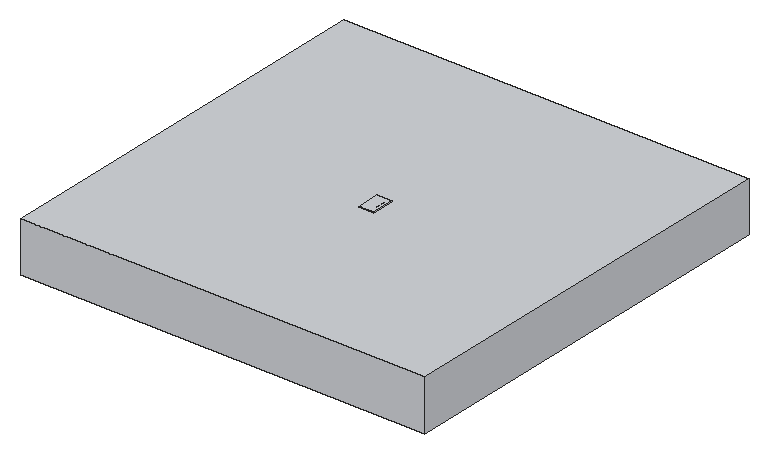
Revit family "Wrong", category Lighting Devices, host Face, Revit 2013
Parameters (values of type "Passive Infrared - 277 V")
  Width 1 = 2 * Sensor Width  # 89.495 mm
  Sensor Voltage = 277 V
  Sensor Number of Poles = 1
  Sensor Material = none
  Length 1 = 2 * Sensor Length  # 138.708 mm
  Height 1 = 1 / 16 * Sensor Height  # 2.902 mm
  Default Elevation = 1200 mm
  Sensor Width = 44.748 mm
  Cover Material = none
  Sensor Length = 69.354 mm
  Sensor Height = 46.434 mm
  Assembly Code = ""
  Apparent Load = 0 VA
Reference planes
  plane 1 "Center (Front/Back)": y = 0
  plane 2: z = 0
  plane 3 "Center (Left/Right)": x = 0
  plane 4: x = -22.374
  plane 5: x = 22.374
  plane 6: x = -44.748
  plane 7: x = 44.748
  plane 8: z = -46.434
  plane 9: z = 2.902
  plane 10: y = -69.354
  plane 11: y = -34.677
  plane 12: y = -138.708
  plane 13: y = -104.031
Forms (mm)
  Extrusion 1, solid
    sketch origin (0, 0, 0) x (1, 0, 0) y (0, 1, 0)
      loop
        line (-1219.2, 1219.2) -> (-1219.2, -1219.2) -> (1219.2, -1219.2) -> (1219.2, 1219.2) -> (-1219.2, 1219.2)
    from 0 to -304.8
  Extrusion 2, solid, material <- "Sensor Material"
    sketch origin (0, 0, 0) x (1, 0, 0) y (0, 1, 0)
      loop
        line (-22.374, -34.677) -> (-22.374, -104.031) -> (22.374, -104.031) -> (22.374, -34.677) -> (-22.374, -34.677)
    from -46.434 to 0
  Extrusion 3, solid, material <- "Cover Material"
    sketch origin (0, 0, 0) x (1, 0, 0) y (0, 1, 0)
      loop
        line (-44.748, 0) -> (-44.748, -138.708) -> (44.748, -138.708) -> (44.748, 0) -> (-44.748, 0)
    from 0 to 2.902
Dimensions and locks
  "Sensor Width": plane 4 to plane 5
  equal spacing: plane 4, plane 3 "Center (Left/Right)", plane 5
  equal spacing: plane 6, plane 3 "Center (Left/Right)", plane 7
  "Width 1": plane 6 to plane 7
  "Sensor Height": plane 2 to plane 8
  "Height 1": plane 9 to plane 2
  "Length 1": plane 12 to plane 1 "Center (Front/Back)"
  equal spacing: plane 12, plane 10, plane 1 "Center (Front/Back)"
  equal spacing: plane 11, plane 10, plane 13
  "Sensor Length": plane 11 to plane 13
  aligned and locked: plane 2 to Extrusion 1
  aligned and locked: level to Extrusion 1
  aligned and locked: plane 4 to Extrusion 2 sketch curve  (x2)
  aligned and locked: plane 5 to Extrusion 2 sketch curve
  aligned and locked: plane 6 to Extrusion 3 sketch curve  (x2)
  aligned and locked: plane 7 to Extrusion 3 sketch curve
  aligned and locked: plane 8 to Extrusion 2
  aligned and locked: plane 2 to Extrusion 2
  aligned and locked: Extrusion 3 to plane 2
  aligned and locked: Extrusion 3 to plane 9
  aligned and locked: Extrusion 3 to plane 1 "Center (Front/Back)"
  aligned and locked: Extrusion 3 to plane 12
  aligned and locked: Extrusion 3 to plane 7
  aligned and locked: Extrusion 3 to plane 6
  aligned and locked: plane 1 "Center (Front/Back)" to Extrusion 3 sketch curve
  aligned and locked: plane 12 to Extrusion 3 sketch curve
  aligned and locked: Extrusion 2 sketch curve to plane 11
  aligned and locked: Extrusion 2 sketch curve to plane 13
Automatic sketch dimensions
  Extrusion 1 sketch curve to Extrusion 1 sketch curve = 2438.4 mm  (x2)
